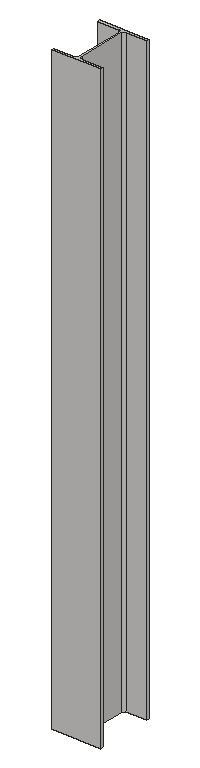
Revit family "M_W Shapes-Column", category Structural Columns, Revit 2018
Family settings
  Section Shape = I-shape Parallel Flange
  Material for Model Behavior = Steel
  Always export as geometry = No
  Beam cutback in plan = From bounding box
  Code Name = AISC 14.1
  OmniClass Number = 23.25.30.11.14.11
  OmniClass Title = Columns
  Cut with Voids When Loaded = No
  Symbolic Representation = From Project Settings
  Shared = No
  Show family pre-cut in plan views = Yes
Parameters (values of type "W250X49.1")
  Width = 202.00 mm
  Web Thickness = 7.37 mm
  Web Fillet = 12.70 mm
  Warping Constant = 212000000000.0 mm6
  Torsional Moment of Inertia = 243000.00 mm4
  Structural Material [instance] = Steel, 45-345
  Section Name Key = "W10x33"
  Section Area = 6260.0 mm²
  Plastic Modulus weak axis = 229000.0 mm³
  Plastic Modulus strong axis = 636000.0 mm³
  Perimeter = 1.27 m²/m
  Nominal Weight = 49.10 kgf/m
  Moment of Inertia weak axis = 15200000.00 mm4
  Moment of Inertia strong axis = 71200000.00 mm4
  Height = 247.00 mm
  Flange Thickness = 11.00 mm
  Elastic Modulus weak axis = 151000.0 mm³
  Elastic Modulus strong axis = 574000.0 mm³
  Centroid Vertical = Height / 2  # 123.5 mm
  Centroid Horizontal = Width / 2  # 101.0 mm
  Assembly Code = ""
Types (2, lengths in mm): name | Width | Web Thickness | Warping Constant | Torsional Moment of Inertia | Section Name Key | Section Area | Plastic Modulus weak axis | Plastic Modulus strong axis | Perimeter | Nominal Weight | Moment of Inertia weak axis | Moment of Inertia strong axis | Height | Flange Thickness | Elastic Modulus weak axis | Elastic Modulus strong axis | Centroid Vertical | Centroid Horizontal
  W250X73 | 254.00 | 8.64 | 556000000000.0 mm6 | 579000.00 mm4 | "W10x49" | 9290.0 mm² | 464000.0 mm³ | 990000.0 mm³ | 1.49 m²/m | 73.00 kgf/m | 38900000.00 mm4 | 113000000.00 mm4 | 254.00 | 14.20 | 306000.0 mm³ | 895000.0 mm³ | 127.0 | 127.0
  W250X49.1 | 202.00 | 7.37 | 212000000000.0 mm6 | 243000.00 mm4 | "W10x33" | 6260.0 mm² | 229000.0 mm³ | 636000.0 mm³ | 1.27 m²/m | 49.10 kgf/m | 15200000.00 mm4 | 71200000.00 mm4 | 247.00 | 11.00 | 151000.0 mm³ | 574000.0 mm³ | 123.5 | 101.0
Reference planes
  plane 1: y = 0
  plane 2: z = 0
  plane 3: x = 0
  plane 4: x = -101
  plane 5: x = 101
  plane 6: y = 123.5
  plane 7: y = -123.5
  plane 8: x = -3.969
  plane 9: x = 3.969
Forms (mm)
  Extrusion 1, solid, material "Steel, 45-345" <- "Structural Material", detail levels medium
    sketch origin (0, 0, 0) x (1, 0, 0) y (0, 1, 0)
      loop
        line (-101, 123.5) -> (-101, 112.5) -> (-3.685, 112.5) -> (-3.685, -112.5) -> (-101, -112.5) -> (-101, -123.5) -> (101, -123.5) -> (101, -112.5) -> (3.685, -112.5) -> (3.685, 112.5) -> (101, 112.5) -> (101, 123.5) -> (-101, 123.5)
    from 0 to 2500
  Extrusion 2, solid, material "Steel, 45-345" <- "Structural Material", detail levels fine
    sketch origin (0, 0, 0) x (1, 0, 0) y (0, 1, 0)
      loop
        line (-101, 123.5) -> (-101, 112.5) -> (-16.385, 112.5)
        arc (-16.385, 112.5) -> (-7.405, 108.78) -> (-3.685, 99.8) r 12.7
        line (-3.685, 99.8) -> (-3.685, -99.8)
        arc (-3.685, -99.8) -> (-7.405, -108.78) -> (-16.385, -112.5) r 12.7
        line (-16.385, -112.5) -> (-101, -112.5) -> (-101, -123.5) -> (101, -123.5) -> (101, -112.5) -> (16.385, -112.5)
        arc (16.385, -112.5) -> (7.405, -108.78) -> (3.685, -99.8) r 12.7
        line (3.685, -99.8) -> (3.685, 99.8)
        arc (3.685, 99.8) -> (7.405, 108.78) -> (16.385, 112.5) r 12.7
        line (16.385, 112.5) -> (101, 112.5) -> (101, 123.5) -> (-101, 123.5)
    from 0 to 2500
Lines and regions (mm)
  symbolic lines, style "StructuralColumnStickSymbols", detail levels coarse
    curve 1: line (-101, 123.5, 0) -> (101, 123.5, 0)
    curve 2: line (-101, -123.5, 0) -> (101, -123.5, 0)
    curve 3: line (0, 123.5, 0) -> (0, -123.5, 0)
  symbolic lines, style "Hidden Faces", detail levels medium+fine
    curve 4: line (-3.969, 0, 0) -> (-3.969, 0, 2500)
    curve 5: line (3.969, 0, 2500) -> (3.969, 0, 0)
Dimensions and locks
  equal spacing: plane 4, plane 3, plane 5
  equal spacing: plane 7, plane 1, plane 6
  "Height": plane 7 to plane 6
  "Width": plane 4 to plane 5
  "Flange Thickness": plane 7 to Extrusion 1 sketch curve
  "Flange Thickness": Extrusion 1 sketch curve to plane 6
  equal spacing: Extrusion 1 sketch curve, plane 3, Extrusion 1 sketch curve
  "Web Thickness": Extrusion 1 sketch curve to Extrusion 1 sketch curve
  "Web Fillet": radius of Extrusion 2 sketch curve  (x4)
  aligned and locked: plane 6 to Extrusion 1 sketch curve
  aligned and locked: Extrusion 1 sketch curve to plane 7
  aligned and locked: Extrusion 1 sketch curve to plane 4  (x2)
  aligned and locked: plane 5 to Extrusion 1 sketch curve  (x2)
  aligned and locked: Extrusion 1 sketch curve to Extrusion 1 sketch curve  (x2)
  aligned and locked: level to Extrusion 1
  aligned and locked: level to plane 2
  aligned and locked: Extrusion 1 to plane 2
  aligned and locked: plane 6 to Extrusion 2 sketch curve
  aligned and locked: plane 5 to Extrusion 2 sketch curve  (x2)
  aligned and locked: Extrusion 2 sketch curve to plane 4  (x2)
  aligned and locked: Extrusion 2 sketch curve to Extrusion 1  (x6)
  aligned and locked: Extrusion 2 sketch curve to plane 7
  aligned and locked: level to Extrusion 2
  aligned and locked: Extrusion 2 to level
Automatic sketch dimensions
  curve 2 to plane 4 = 0.00 mm
  curve 1 to plane 4 = 0.00 mm
  curve 3 to plane 3 = 0.00 mm
  curve 2 to plane 5 = 0.00 mm
  curve 1 to plane 5 = 0.00 mm
  curve 3 to plane 7 = 0.00 mm
  curve 3 to plane 6 = 0.00 mm
  curve 4 to level = 0.00 mm  (x2)
  curve 4 to plane 8 = 0.00 mm
  curve 5 to level = 0.00 mm  (x2)
  curve 5 to plane 9 = 0.00 mm
